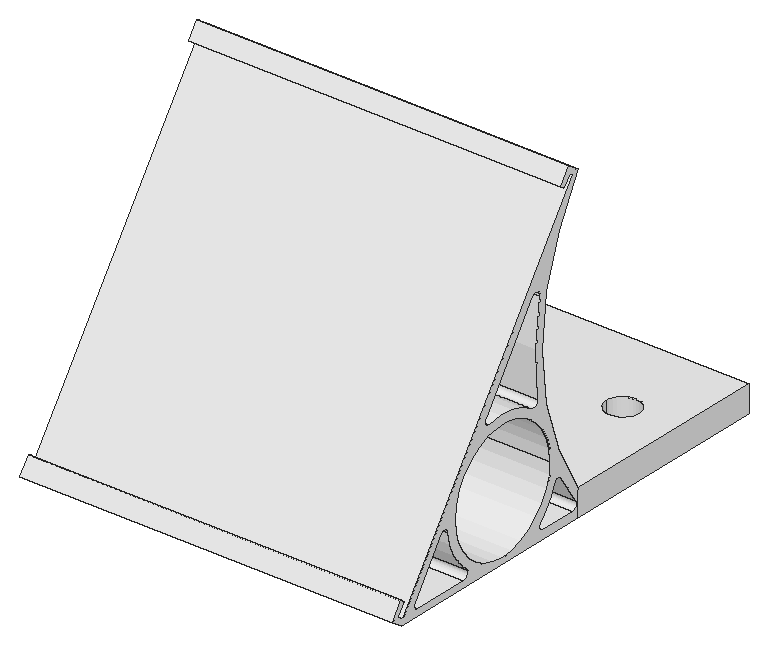
Revit family "Snow-Guards_Hybrid", category Generic Models, Revit 2026
Family settings
  Can host rebar = No
  Round Connector Dimension = Use Diameter
  Part Type = Normal
  Classification Number = 23.30.80.11
  Work Plane-Based = Yes
  Always vertical = No
  Cut with Voids When Loaded = No
  Maintain Annotation Orientation = No
  Shared = No
  Room Calculation Point = No
Parameters (values of type "As Specified")
  Width = 0' - 4 3/16"
  URL = ""
  Snow Guard Finsih = Mill Finish - Aluminum -  Snow Guards
  Model = ""
  Manufacturer = ""
  Length [instance] = 0' - 3 1/2"
  Keynote = "07 72 53"
  Height = 0' - 3"
  Description = ""
  Default Elevation = 0' - 0"
Reference planes (in)
  plane 1 "Center (Front/Back)": y = 0
  plane 2 "Bottom": z = 0
  plane 3 "Center (Left/Right)": x = 0
  plane 4: x = -1.75
  plane 5: x = 1.75
  plane 6: y = 4.1875
  plane 7 "Top": z = 3
  plane 8: x = 1.25
  plane 9: x = -1.25
  plane 10: y = 3.3375
  plane 11: y = 2.1875
  plane 12: z = 0.25
Forms (in)
  Extrusion 1, solid, material "Mill Finish - Aluminum -  Snow Guards" <- "Snow Guard Finsih"
    sketch origin (0, 0, 0) x (1, 0, 0) y (0, 1, 0)
      loop
        line (-1.75, 4.1875) -> (-1.75, 2.1875) -> (1.75, 2.1875) -> (1.75, 4.1875) -> (-1.75, 4.1875)
      loop
        circle (-1.25, 3.3375) r 0.15625
      loop
        circle (1.25, 3.3375) r 0.15625
    from 0 to 0.25
  Extrusion 2, solid, material "Mill Finish - Aluminum -  Snow Guards" <- "Snow Guard Finsih"
    sketch origin (0, 0, 0) x (0, 1, 0) y (0, 0, 1)
      loop
        line (2.1875, 0) -> (2.1875, 0.25)
        arc (2.1875, 0.25) -> (1.76414, 1.59273) -> (2.1875, 2.93546) r 2.34098
        line (2.1875, 2.93546) -> (2.07905, 3.0114) -> (1.98348, 2.87491) -> (2.01803, 2.85072) -> (2.08389, 2.94477) -> (2.1239, 2.91676) -> (0.12025, 0.05525) -> (0.0714, 0.08946) -> (0.14261, 0.19115) -> (0.10454, 0.21781) -> (0.00435, 0.07472) -> (0.11106, 0) -> (2.1875, 0)
      loop
        circle (1.29678, 0.61775) r 0.5625
      loop
        line (0.57518, 0.56789) -> (0.26658, 0.12716)
        arc (0.26658, 0.12716) -> (0.26348, 0.07985) -> (0.30401, 0.05525) r 0.0457
        line (0.30401, 0.05525) -> (0.84204, 0.05525)
        arc (0.84204, 0.05525) -> (0.88589, 0.08556) -> (0.87305, 0.13729) r 0.04688
        arc (0.87305, 0.13729) -> (0.72854, 0.32195) -> (0.66016, 0.54624) r 0.64063
        arc (0.66016, 0.54624) -> (0.62515, 0.58643) -> (0.57518, 0.56789) r 0.04688
      loop
        arc (1.09684, 1.31289) -> (1.09651, 1.25959) -> (1.14625, 1.24044) r 0.04688
        arc (1.14625, 1.24044) -> (1.40496, 1.24918) -> (1.64602, 1.15482) r 0.64063
        arc (1.64602, 1.15482) -> (1.69719, 1.15486) -> (1.71783, 1.20169) r 0.04688
        arc (1.71783, 1.20169) -> (1.68636, 1.6335) -> (1.73236, 2.064) r 2.4191
        arc (1.73236, 2.064) -> (1.70479, 2.11624) -> (1.64799, 2.10002) r 0.04688
        line (1.64799, 2.10002) -> (1.09684, 1.31289)
      loop
        arc (1.98909, 0.42034) -> (1.94387, 0.44431) -> (1.90368, 0.41264) r 0.04688
        arc (1.90368, 0.41264) -> (1.8387, 0.2761) -> (1.74352, 0.1586) r 0.64063
        arc (1.74352, 0.1586) -> (1.73278, 0.10736) -> (1.77621, 0.07813) r 0.04688
        line (1.77621, 0.07813) -> (2.12852, 0.07813)
        arc (2.12852, 0.07813) -> (2.16814, 0.10256) -> (2.1641, 0.14894) r 0.04435
        arc (2.1641, 0.14894) -> (2.07206, 0.28172) -> (1.98909, 0.42034) r 2.4191
    from -1.75 to 1.75
Dimensions and locks (in)
  equal spacing: plane 4, plane 3 "Center (Left/Right)", plane 5
  "Length": plane 4 to plane 5
  "Width": plane 1 "Center (Front/Back)" to plane 6
  "Height": plane 7 "Top" to plane 2 "Bottom"
  locked: plane 6 to plane 10 at 0.85
  locked: plane 10 to plane 11 at 1.15
  locked: plane 12 to level at 0.25
  aligned and locked: plane 2 "Bottom" to level
  aligned and locked: Extrusion 1 sketch curve to plane 6
  aligned and locked: Extrusion 1 sketch curve to plane 5
  aligned and locked: plane 11 to Extrusion 1 sketch curve
  aligned and locked: plane 4 to Extrusion 1 sketch curve
  aligned and locked: plane 9 to Extrusion 1 sketch curve
  aligned and locked: plane 10 to Extrusion 1 sketch curve  (x2)
  aligned and locked: plane 8 to Extrusion 1 sketch curve
  aligned and locked: Extrusion 1 to level
  aligned and locked: plane 12 to Extrusion 1
  aligned and locked: Extrusion 2 sketch curve to plane 11
  aligned and locked: level to Extrusion 2 sketch curve
  aligned and locked: Extrusion 2 to plane 4
  aligned and locked: plane 5 to Extrusion 2
Automatic sketch dimensions
  Extrusion 2 sketch curve to Extrusion 2 sketch curve = 0' - 0"  (x17)
  Extrusion 2 sketch curve to plane 11 = 0' - 0"
  Extrusion 2 sketch curve to plane 12 = 0' - 0"
  Extrusion 2 sketch curve to plane 11 = 0' - 0.05898"
  Extrusion 2 sketch curve to plane 11 = 0' - 0.0636"
  Extrusion 2 sketch curve to plane 7 "Top" = 0' - 0.05523"
  Extrusion 2 sketch curve to Extrusion 2 sketch curve = 0' - 0.04"
  plane 7 "Top" to Extrusion 2 sketch curve = 0' - 0.0114"
  Extrusion 2 sketch curve to Extrusion 2 sketch curve = 0' - 0.00484"
  Extrusion 2 sketch curve to plane 7 "Top" = 0' - 0.14928"
  Extrusion 2 sketch curve to Extrusion 2 sketch curve = 0' - 0.06586"
  Extrusion 2 sketch curve to plane 11 = 0' - 0.23941"
  level to Extrusion 2 sketch curve = 0' - 0 1/8"
  Extrusion 2 sketch curve to Extrusion 2 sketch curve = 0' - 0 11/64"
  Extrusion 2 sketch curve to plane 11 = 0' - 0.50112"
  Extrusion 2 sketch curve to plane 11 = 0' - 0.51593"
  Extrusion 2 sketch curve to Extrusion 2 sketch curve = 0' - 0.0384"  (x3)
  Extrusion 2 sketch curve to Extrusion 2 sketch curve = 0' - 0.65131"
  Extrusion 2 sketch curve to Extrusion 2 sketch curve = 0' - 0.53634"
  level to Extrusion 2 sketch curve = 0' - 0.10213"
  Extrusion 2 sketch curve to Extrusion 2 sketch curve = 0' - 0.45474"
  Extrusion 2 sketch curve to Extrusion 2 sketch curve = 0' - 0.22846"
  plane 12 to Extrusion 2 sketch curve = 0' - 0.31789"
  level to Extrusion 2 sketch curve = 0' - 0.05525"  (x2)
  Extrusion 2 sketch curve to plane 1 "Center (Front/Back)" = 0' - 0.30401"
  Extrusion 2 sketch curve to plane 12 = 0' - 0.12284"
  Extrusion 2 sketch curve to Extrusion 2 sketch curve = 0' - 0.03743"
  Extrusion 2 sketch curve to plane 12 = 0' - 0.05885"
  Extrusion 2 sketch curve to Extrusion 2 sketch curve = 0' - 0.12397"
  Extrusion 2 sketch curve to Extrusion 2 sketch curve = 0' - 0.00919"
  Extrusion 2 sketch curve to plane 12 = 0' - 0.03219"
  Extrusion 2 sketch curve to plane 6 = 0' - 0.08238"
  level to Extrusion 2 sketch curve = 0' - 0 5/64"
  Extrusion 2 sketch curve to Extrusion 2 sketch curve = 0' - 0.04435"
  plane 12 to Extrusion 2 sketch curve = 0' - 0.14763"
  Extrusion 2 sketch curve to Extrusion 2 sketch curve = 0' - 0.02689"  (x3)
  plane 12 to Extrusion 2 sketch curve = 0' - 0.36775"
  Extrusion 2 sketch curve to Extrusion 2 sketch curve = 0' - 0.57636"
  Extrusion 2 sketch curve to Extrusion 2 sketch curve = 0' - 0.09189"
  Extrusion 2 sketch curve to Extrusion 2 sketch curve = 0' - 0.77758"
  radius of Extrusion 2 sketch curve = 0' - 0 9/16"
  radius of Extrusion 1 sketch curve = 0' - 0 5/32"  (x2)
